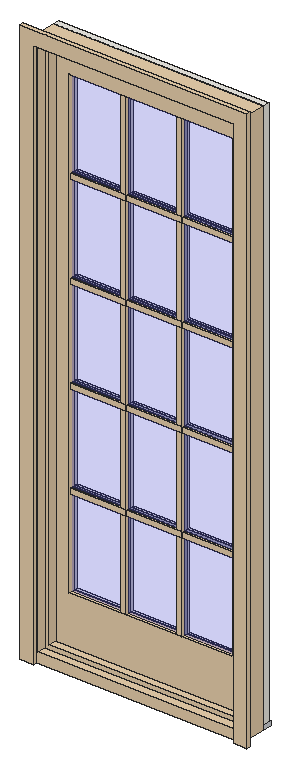
Revit family "Door-Inswing-Andersen-A_Series-Sidelight 2", category Doors, host Wall, Revit 2013 (continued)
Dimensions and locks (in)
  aligned and locked: Extrusion 13 sketch curve to plane 73 "B Stop"
  aligned and locked: Extrusion 13 to plane 4 "L Frame"
  aligned and locked: plane 3 "R Frame" to Extrusion 13
  aligned and locked: plane 72 "B Ext Frame" to Extrusion 14 sketch curve
  aligned and locked: Extrusion 14 sketch curve to plane 74 "Sill S1"
  aligned and locked: level to Extrusion 14 sketch curve
  aligned and locked: plane 50 "Panel1 S1" to Extrusion 14 sketch curve
  aligned and locked: Extrusion 14 to plane 4 "L Frame"
  aligned and locked: plane 3 "R Frame" to Extrusion 14
  aligned and locked: Extrusion 15 sketch curve to level
  aligned and locked: Extrusion 15 sketch curve to plane 9 "Frame S2"
  aligned and locked: Extrusion 15 sketch curve to plane 73 "B Stop"
  aligned and locked: Extrusion 15 sketch curve to plane 58 "Sill Height"
  aligned and locked: Extrusion 15 sketch curve to plane 70 "Int Stop"
  aligned and locked: plane 51 "Panel1 S2" to Extrusion 15 sketch curve
  aligned and locked: Extrusion 15 sketch curve to plane 45 "B Panel"
  aligned and locked: plane 50 "Panel1 S1" to Extrusion 15 sketch curve
  aligned and locked: Extrusion 15 to plane 4 "L Frame"
  aligned and locked: plane 3 "R Frame" to Extrusion 15
  aligned and locked: Sweep 7 sketch curve to plane 53 "Frame S1"
  aligned and locked: plane 4 "L Frame" to Sweep 7 sketch curve
  aligned and locked: plane 69 "Frame S1.1" to Sweep 7 sketch curve
  aligned and locked: Sweep 7 sketch curve to plane 38 "L Ext Frame"
  aligned and locked: plane 53 "Frame S1" to Sweep 7 sketch curve
  aligned and locked: Sweep 7 sketch curve to plane 35 "R Ext Frame"
  aligned and locked: Sweep 7 sketch curve to plane 69 "Frame S1.1"
  aligned and locked: plane 3 "R Frame" to Sweep 7 sketch curve
  aligned and locked: curve 201 to plane 51 "Panel1 S2"
  aligned and locked: curve 200 to plane 50 "Panel1 S1"
  aligned and locked: plane 53 "Frame S1" to curve 202
  aligned and locked: plane 9 "Frame S2" to curve 202
  aligned and locked: plane 56 "R Stop" to curve 202
  aligned and locked: plane 53 "Frame S1" to curve 203
  aligned and locked: plane 9 "Frame S2" to curve 203
  aligned and locked: plane 55 "L Stop" to curve 203
  aligned and locked: plane 11 "Casing S2" to curve 2
  aligned and locked: plane 12 "Casing S1" to curve 4
  aligned and locked: plane 73 "B Stop" to curve 204
  aligned and locked: plane 73 "B Stop" to curve 205
  aligned and locked: plane 57 "T Stop" to curve 204
  aligned and locked: plane 50 "Panel1 S1" to curve 204
  aligned and locked: plane 51 "Panel1 S2" to curve 205
  aligned and locked: plane 74 "Sill S1" to Masking region 2 sketch curve
  aligned and locked: Masking region 2 sketch curve to plane 72 "B Ext Frame"
  aligned and locked: Masking region 9 sketch curve to plane 73 "B Stop"
  aligned and locked: plane 67 "R Int Frame" to curve 6
  aligned and locked: plane 71 "T Int Frame" to curve 8
  aligned and locked: plane 68 "L Int Frame" to curve 7
  aligned and locked: curve 207 to plane 72 "B Ext Frame"
  aligned and locked: curve 206 to plane 35 "R Ext Frame"
  aligned and locked: plane 58 "Sill Height" to curve 208
  aligned and locked: plane 65 "R Xjamb S1" to Masking region 8 sketch curve
  aligned and locked: Masking region 8 sketch curve to plane 66 "T Xjamb S1"
  aligned and locked: Masking region 8 sketch curve to plane 64 "L Xjamb 1"
  aligned and locked: plane 57 "T Stop" to Extrusion 16 sketch curve
  aligned and locked: Extrusion 16 sketch curve to plane 56 "R Stop"
  aligned and locked: plane 55 "L Stop" to Extrusion 16 sketch curve
  aligned and locked: Extrusion 16 sketch curve to plane 3 "R Frame"
  aligned and locked: plane 5 "T Frame" to Extrusion 16 sketch curve
  aligned and locked: plane 4 "L Frame" to Extrusion 16 sketch curve
  aligned and locked: Extrusion 16 to plane 50 "Panel1 S1"
  aligned and locked: plane 53 "Frame S1" to Extrusion 16
  aligned and locked: plane 57 "T Stop" to Extrusion 17 sketch curve
  aligned and locked: Extrusion 17 sketch curve to plane 56 "R Stop"
  aligned and locked: plane 55 "L Stop" to Extrusion 17 sketch curve
  aligned and locked: Extrusion 17 sketch curve to plane 73 "B Stop"
  aligned and locked: level to Extrusion 17 sketch curve
  aligned and locked: plane 4 "L Frame" to Extrusion 17 sketch curve
  aligned and locked: Extrusion 17 sketch curve to plane 3 "R Frame"
  aligned and locked: plane 5 "T Frame" to Extrusion 17 sketch curve
  aligned and locked: plane 51 "Panel1 S2" to Extrusion 17
  aligned and locked: Extrusion 17 to plane 9 "Frame S2"
  aligned and locked: nested 1 to plane 47 "T Glazing"
  aligned and locked: nested 1 to plane 2 "Center (Left/Right)"
  aligned and locked: nested 2 to plane 47 "T Glazing"
  aligned and locked: nested 5 to plane 48 "L Glazing"
  aligned and locked: nested 6 to plane 48 "L Glazing"
  aligned and locked: nested 4 to plane 48 "L Glazing"
  aligned and locked: nested 3 to plane 48 "L Glazing"
  aligned and locked: plane 71 "T Int Frame" to curve 205
  aligned and locked: plane 4 "L Frame" to Extrusion 18 sketch curve
  aligned and locked: Extrusion 18 sketch curve to plane 3 "R Frame"
  aligned and locked: level to Extrusion 18 sketch curve
  aligned and locked: Extrusion 18 to plane 50 "Panel1 S1"
  aligned and locked: plane 53 "Frame S1" to Extrusion 18
  aligned and locked: plane 45 "B Panel" to Extrusion 18 sketch curve
  aligned and locked: Extrusion 16 sketch curve to plane 45 "B Panel"  (x2)
  aligned and locked: nested 7 to plane 47 "T Glazing"
  aligned and locked: Extrusion 11 sketch curve to plane 46 "B Glazing"
  aligned and locked: Extrusion 12 sketch curve to plane 46 "B Glazing"
Automatic sketch dimensions
  curve 10 to plane 36 "L Int Casing" = 0' - 0 1/8"
  curve 130 to curve 133 = 0' - 0"
  curve 129 to curve 127 = 0' - 0.12558"
  curve 127 to curve 132 = 0' - 0.63992"
  curve 131 to curve 121 = 0' - 1.344"
  curve 121 to curve 121 = 0' - 0.10984"
  curve 123 to curve 124 = 0' - 0.361"
  curve 122 to curve 127 = 0' - 0.812"
  curve 127 to curve 120 = 0' - 0.45"
  curve 28 to curve 133 = 0' - 0"
  curve 29 to curve 130 = 0' - 0"
  curve 29 to curve 30 = 0' - 0 1/8"
  curve 128 to curve 132 = 0' - 0.359"
  curve 119 to curve 118 = 0' - 0.566"
  curve 118 to curve 118 = 0' - 1.55"
  curve 120 to curve 121 = 0' - 0.319"
  curve 127 to curve 130 = 0' - 0.3698"
  curve 127 to curve 131 = 0' - 0.41291"
  curve 130 to curve 135 = 0' - 0.76609"
  curve 133 to curve 135 = 0' - 0.06176"
  curve 123 to curve 123 = 0' - 0.89242"
  curve 123 to curve 125 = 0' - 0.53458"
  curve 119 to curve 119 = 0' - 0.733"
  curve 119 to curve 118 = 0' - 0.579"
  curve 130 to curve 30 = 0' - 0 1/8"
  curve 30 to curve 133 = 0' - 0 1/8"
  curve 125 to curve 126 = 0' - 1.583"
  curve 148 to curve 151 = 0' - 0"
  curve 147 to curve 145 = 0' - 0.12558"
  curve 145 to curve 150 = 0' - 0.63992"
  curve 149 to curve 139 = 0' - 1.344"
  curve 139 to curve 139 = 0' - 0.10984"
  curve 141 to curve 142 = 0' - 0.361"
  curve 140 to curve 145 = 0' - 0.812"
  curve 145 to curve 138 = 0' - 0.45"
  curve 25 to curve 151 = 0' - 0"
  curve 26 to curve 148 = 0' - 0"
  curve 26 to curve 27 = 0' - 0 1/8"
  curve 146 to curve 150 = 0' - 0.359"
  curve 137 to curve 136 = 0' - 0.566"
  curve 136 to curve 136 = 0' - 1.55"
  curve 139 to curve 138 = 0' - 0.319"
  curve 148 to curve 145 = 0' - 0.3698"
  curve 149 to curve 145 = 0' - 0.41291"
  curve 153 to curve 148 = 0' - 0.76609"
  curve 153 to curve 151 = 0' - 0.06176"
  curve 141 to curve 141 = 0' - 0.89242"
  curve 143 to curve 141 = 0' - 0.53458"
  curve 137 to curve 137 = 0' - 0.733"
  curve 136 to curve 137 = 0' - 0.579"
  curve 27 to curve 148 = 0' - 0 1/8"
  curve 151 to curve 27 = 0' - 0 1/8"
  curve 144 to curve 143 = 0' - 1.583"
  curve 169 to curve 172 = 0' - 0"
  curve 168 to curve 166 = 0' - 0.12558"
  curve 166 to curve 171 = 0' - 0.63992"
  curve 170 to curve 160 = 0' - 1.344"
  curve 160 to curve 160 = 0' - 0.10984"
  curve 162 to curve 163 = 0' - 0.361"
  curve 161 to curve 166 = 0' - 0.812"
  curve 166 to curve 159 = 0' - 0.45"
  curve 154 to curve 172 = 0' - 0"
  curve 155 to curve 169 = 0' - 0"
  curve 155 to curve 156 = 0' - 0 1/8"
  curve 167 to curve 171 = 0' - 0.359"
  curve 158 to curve 157 = 0' - 0.566"
  curve 157 to curve 157 = 0' - 1.55"
  curve 160 to curve 159 = 0' - 0.319"
  curve 169 to curve 166 = 0' - 0.3698"
  curve 170 to curve 166 = 0' - 0.41291"
  curve 174 to curve 169 = 0' - 0.76609"
  curve 174 to curve 172 = 0' - 0.06176"
  curve 162 to curve 162 = 0' - 0.89242"
  curve 164 to curve 162 = 0' - 0.53458"
  curve 158 to curve 158 = 0' - 0.733"
  curve 157 to curve 158 = 0' - 0.579"
  curve 156 to curve 169 = 0' - 0 1/8"
  curve 172 to curve 156 = 0' - 0 1/8"
  curve 165 to curve 164 = 0' - 1.583"
  curve 9 to plane 41 "T Ext Frame" = 0' - 0"
  Masking region 1 sketch curve to plane 53 "Frame S1" = 0' - 0"
  Masking region 2 sketch curve to plane 53 "Frame S1" = 0' - 0"
  Masking region 3 sketch curve to plane 53 "Frame S1" = 0' - 0"
  Masking region 4 sketch curve to plane 53 "Frame S1" = 0' - 0"
  Sweep 8 sketch curve to profile plane = 0' - 0"
  profile plane to Sweep 8 sketch curve = 0' - 0.166"
  profile plane to Sweep 8 sketch curve = 0' - 0.566"
  Sweep 8 sketch curve to Sweep 8 sketch curve = 0' - 1.129"
  Sweep 8 sketch curve to Sweep 8 sketch curve = 0' - 0.413"
  Sweep 8 sketch curve to Sweep 8 sketch curve = 0' - 0.7335"
  Sweep 9 sketch curve to profile plane = 0' - 0"
  Sweep 9 sketch curve to profile plane = 0' - 4 9/16"
  profile plane to Sweep 9 sketch curve = 0' - 1.016"
  profile plane to Sweep 9 sketch curve = 0' - 0.166"
  profile plane to Sweep 9 sketch curve = 0' - 1.172"
  Sweep 9 sketch curve to Sweep 9 sketch curve = 0' - 0.523"
  Sweep 9 sketch curve to Sweep 9 sketch curve = 0' - 1.5825"
  Sweep 9 sketch curve to Sweep 9 sketch curve = 0' - 1.427"
  curve 121 to curve 129 = 0' - 0.094"
  curve 123 to curve 128 = 0' - 0.679"
  curve 126 to curve 128 = 0' - 1.719"
  curve 147 to curve 139 = 0' - 0.094"
  curve 141 to curve 146 = 0' - 0.679"
  curve 146 to curve 144 = 0' - 1.719"
  curve 168 to curve 160 = 0' - 0.094"
  curve 162 to curve 167 = 0' - 0.679"
  curve 167 to curve 165 = 0' - 1.719"
  curve 84 to curve 86 = 0' - 1.583"
  curve 86 to curve 87 = 0' - 0.53458"
  curve 87 to curve 90 = 0' - 0.89242"
  curve 88 to curve 97 = 0' - 0.46"
  curve 96 to curve 96 = 0' - 0.08"
  curve 95 to curve 94 = 0' - 0.76609"
  curve 92 to curve 92 = 0' - 0.08875"
  curve 90 to curve 85 = 0' - 1.719"
  curve 78 to curve 79 = 0' - 0.094"
  curve 85 to curve 80 = 0' - 0.413"
  curve 80 to curve 83 = 0' - 1.063"
  curve 94 to curve 95 = 0' - 0.5405"
  curve 97 to curve 94 = 0' - 0"
  curve 95 to curve 16 = 0' - 0.1245"
  curve 17 to curve 93 = 0' - 0.1255"
  curve 91 to curve 91 = 0' - 0.32416"
  curve 82 to curve 81 = 0' - 0.748"
  curve 81 to curve 81 = 0' - 0.05571"
  curve 80 to curve 85 = 0' - 0.88379"
  curve 86 to curve 87 = 0' - 0.3335"
  curve 86 to curve 87 = 0' - 0.361"
  curve 85 to curve 80 = 0' - 0.71766"
  curve 79 to curve 78 = 0' - 0.10984"
  curve 78 to curve 94 = 0' - 7.235"
  curve 95 to curve 96 = 0' - 0 3/4"
  curve 93 to curve 93 = 0' - 0 3/4"
  curve 94 to curve 97 = 0' - 0.35858"
  curve 15 to curve 95 = 0' - 0 1/8"
  curve 91 to curve 91 = 0' - 0.11008"
  curve 95 to curve 16 = 0' - 0"
  curve 15 to curve 17 = 0' - 0 1/8"
  curve 104 to curve 106 = 0' - 1.583"
  curve 106 to curve 107 = 0' - 0.53458"
  curve 107 to curve 110 = 0' - 0.89242"
  curve 108 to curve 117 = 0' - 0.46"
  curve 116 to curve 116 = 0' - 0.08"
  curve 115 to curve 114 = 0' - 0.76609"
  curve 112 to curve 112 = 0' - 0.08875"
  curve 110 to curve 105 = 0' - 1.719"
  curve 98 to curve 99 = 0' - 0.094"
  curve 105 to curve 100 = 0' - 0.413"
  curve 100 to curve 103 = 0' - 1.063"
  curve 114 to curve 115 = 0' - 0.5405"
  curve 117 to curve 114 = 0' - 0"
  curve 115 to curve 13 = 0' - 0.1245"
  curve 14 to curve 113 = 0' - 0.1255"
  curve 111 to curve 111 = 0' - 0.32416"
  curve 102 to curve 101 = 0' - 0.748"
  curve 101 to curve 101 = 0' - 0.05571"
  curve 100 to curve 105 = 0' - 0.88379"
  curve 106 to curve 107 = 0' - 0.3335"
  curve 106 to curve 107 = 0' - 0.361"
  curve 105 to curve 100 = 0' - 0.71766"
  curve 99 to curve 98 = 0' - 0.10984"
  curve 98 to curve 114 = 0' - 7.235"
  curve 115 to curve 116 = 0' - 0 3/4"
  curve 113 to curve 113 = 0' - 0 3/4"
  curve 114 to curve 117 = 0' - 0.35858"
  curve 12 to curve 115 = 0' - 0 1/8"
  curve 111 to curve 111 = 0' - 0.11008"
  curve 115 to curve 13 = 0' - 0"
  curve 12 to curve 14 = 0' - 0 1/8"
  curve 46 to curve 48 = 0' - 0.53458"
  curve 47 to curve 48 = 0' - 0.89242"
  curve 48 to curve 59 = 0' - 0.46"
  curve 58 to curve 58 = 0' - 0.08"
  curve 58 to curve 55 = 0' - 0.76609"
  curve 55 to curve 55 = 0' - 0.08875"
  curve 52 to curve 52 = 0' - 0.094"
  curve 53 to curve 50 = 0' - 0.413"
  curve 45 to curve 46 = 0' - 1.583"
  curve 59 to curve 58 = 0' - 0.46"
  curve 57 to curve 59 = 0' - 0"
  curve 58 to curve 42 = 0' - 0 1/8"
  curve 41 to curve 55 = 0' - 0 1/8"
  curve 44 to curve 49 = 0' - 0.579"
  curve 54 to curve 54 = 0' - 0.32416"
  curve 49 to curve 49 = 0' - 0.733"
  curve 60 to curve 55 = 0' - 0"
  curve 55 to curve 57 = 0' - 0 3/4"
  curve 56 to curve 52 = 0' - 3.047"
  curve 51 to curve 51 = 0' - 0.10984"
  curve 47 to curve 47 = 0' - 0.361"
  curve 42 to curve 58 = 0' - 0.015"
  curve 43 to curve 55 = 0' - 0.015"
  curve 54 to curve 54 = 0' - 0.11008"
  curve 43 to curve 41 = 0' - 0.14"
  curve 59 to curve 57 = 0' - 0.359"
  curve 46 to curve 46 = 0' - 0.318"
  curve 53 to curve 49 = 0' - 0.45"
  curve 49 to curve 44 = 0' - 0.566"
  curve 44 to curve 44 = 0' - 1 5/8"
  curve 63 to curve 65 = 0' - 0.53458"
  curve 64 to curve 65 = 0' - 0.89242"
  curve 65 to curve 76 = 0' - 0.46"
  curve 75 to curve 75 = 0' - 0.08"
  curve 75 to curve 72 = 0' - 0.76609"
  curve 72 to curve 72 = 0' - 0.08875"
  curve 69 to curve 69 = 0' - 0.094"
  curve 70 to curve 67 = 0' - 0.413"
  curve 62 to curve 63 = 0' - 1.583"
  curve 76 to curve 75 = 0' - 0.46"
  curve 74 to curve 76 = 0' - 0"
  curve 75 to curve 19 = 0' - 0 1/8"
  curve 18 to curve 72 = 0' - 0 1/8"
  curve 61 to curve 66 = 0' - 0.579"
  curve 71 to curve 71 = 0' - 0.32416"
  curve 66 to curve 66 = 0' - 0.733"
  curve 77 to curve 72 = 0' - 0"
  curve 72 to curve 74 = 0' - 0 3/4"
  curve 73 to curve 69 = 0' - 3.047"
  curve 68 to curve 68 = 0' - 0.10984"
  curve 64 to curve 64 = 0' - 0.361"
  curve 19 to curve 75 = 0' - 0.015"
  curve 20 to curve 72 = 0' - 0.015"
  curve 71 to curve 71 = 0' - 0.11008"
  curve 20 to curve 18 = 0' - 0.14"
  curve 76 to curve 74 = 0' - 0.359"
  curve 63 to curve 63 = 0' - 0.318"
  curve 70 to curve 66 = 0' - 0.45"
  curve 66 to curve 61 = 0' - 0.566"
  curve 61 to curve 61 = 0' - 1 5/8"
  curve 48 to curve 53 = 0' - 1.719"
  curve 52 to curve 48 = 0' - 0.133"
  curve 65 to curve 70 = 0' - 1.719"
  curve 69 to curve 65 = 0' - 0.133"
  curve 4 to plane 53 "Frame S1" = 0' - 0"
  curve 3 to plane 53 "Frame S1" = 0' - 0"
  plane 27 "T Rough Opening" to curve 11 = 0' - 0.15975"
Nested families (in)
  nested 1: "Andersen Grille Bar" at (0, 0.31559, 50.4375) x (-1, 0, 0) z (0, 1, 0), Bar Width <- "Grille Bar Size", Bar Length <- "TS V Bar Length", visible <- "TS S V", type "Andersen Grille Bar"
    with Glass / 2 0' - 0 7/32", Glass 0' - 0 13/16", Center Line Length 6' - 7 7/8", Center Line 2, Bar Width 0' - 0 7/8", Bar Length 6' - 7 7/8"
  nested 2: "Andersen Grille Bar" at (4.83333, 0.31559, 50.4375) x (-1, 0, 0) z (0, 1, 0), Bar Width <- "Grille Bar Size", Bar Length <- "TS V Bar Length", visible <- "TS M V", type "Andersen Grille Bar"
    with Glass / 2 0' - 0 7/32", Glass 0' - 0 13/16", Center Line Length 6' - 7 7/8", Center Line 2, Bar Width 0' - 0 7/8", Bar Length 6' - 7 7/8"
  nested 3: "Andersen Grille Bar" at (0, 0.31559, 50.4375) x (0, 0, 1) z (0, 1, 0), Bar Width <- "Grille Bar Size", visible <- "TS S H Craftsman", Bar Length <- "H DLO", type "Andersen Grille Bar"
    with Glass / 2 0' - 0 1/8", Glass 0' - 0 5/8", Center Line Length 2' - 4 1/8", Center Line 2, Bar Width 0' - 0 7/8", Bar Length 2' - 4 1/8"
  nested 4: "Andersen Grille Bar" at (0, 0.31559, 50.4375) x (0, 0, 1) z (0, 1, 0), Bar Width <- "Grille Bar Size", visible <- "TS S H", Bar Length <- "H DLO", type "Andersen Grille Bar"
    with Glass / 2 0' - 0 7/32", Glass 0' - 0 13/16", Center Line Length 2' - 4 1/8", Center Line 2, Bar Width 0' - 0 7/8", Bar Length 2' - 4 1/8"
  nested 5: "Andersen Grille Bar" at (0, 0.31559, 74.6625) x (0, 0, 1) z (0, 1, 0), Bar Width <- "Grille Bar Size", visible <- "TS M H", Bar Length <- "H DLO", type "Andersen Grille Bar"
    with Glass / 2 0' - 0 7/32", Glass 0' - 0 13/16", Center Line Length 2' - 4 1/8", Center Line 2, Bar Width 0' - 0 7/8", Bar Length 2' - 4 1/8"
  nested 6: "Andersen Grille Bar" at (0, 0.31559, 26.2125) x (0, 0, 1) z (0, 1, 0), Bar Width <- "Grille Bar Size", visible <- "TS M H", Bar Length <- "H DLO", type "Andersen Grille Bar"
    with Glass / 2 0' - 0 7/32", Glass 0' - 0 13/16", Center Line Length 2' - 4 1/8", Center Line 2, Bar Width 0' - 0 7/8", Bar Length 2' - 4 1/8"
  nested 7: "Andersen Grille Bar" at (-4.83333, 0.31559, 50.4375) x (-1, 0, 0) z (0, 1, 0), Bar Width <- "Grille Bar Size", Bar Length <- "TS V Bar Length", visible <- "TS M V", type "Andersen Grille Bar"
    with Glass / 2 0' - 0 7/32", Glass 0' - 0 13/16", Center Line Length 6' - 7 7/8", Center Line 2, Bar Width 0' - 0 7/8", Bar Length 6' - 7 7/8"
  nested 8: "Andersen Grille Bar" at (0, 0.31559, 58.5125) x (0, 0, 1) z (0, 1, 0), Bar Width <- "Grille Bar Size", visible <- "TS M H", Bar Length <- "H DLO", type "Andersen Grille Bar"
    with Glass / 2 0' - 0 7/32", Glass 0' - 0 13/16", Center Line Length 2' - 4 1/8", Center Line 2, Bar Width 0' - 0 7/8", Bar Length 2' - 4 1/8"
  nested 9: "Andersen Grille Bar" at (0, 0.31559, 42.3625) x (0, 0, 1) z (0, 1, 0), Bar Width <- "Grille Bar Size", visible <- "TS M H", Bar Length <- "H DLO", type "Andersen Grille Bar"
    with Glass / 2 0' - 0 7/32", Glass 0' - 0 13/16", Center Line Length 2' - 4 1/8", Center Line 2, Bar Width 0' - 0 7/8", Bar Length 2' - 4 1/8"
Definition of nested family "Andersen Grille Bar"
  Parameters (values of type "Andersen Grille Bar")
    Interior Bar Visibility = yes
    Interior Bar Material = none
    Glass / 2 [instance] = (Glass / 2) - 0' 0 3/16"  # 0' - 0 1/8"
    Glass [instance] = 0' - 0 5/8"
    Exterior Bar Visibility = yes
    Exterior Bar Finish = none
    Default Elevation = 4' - 0"
    Center Line Length [instance] = if(Center Line = 1, Bar Length + (Bar Width / 2), Bar Length)  # 0' - 4 7/16"
    Center Line [instance] = 1
    Between Glass Bar Visibility = yes
    Between Glass Bar Finish = none
    Bar Width [instance] = 0' - 0 7/8"
    Bar Length [instance] = 0' - 4"
  Reference planes (in)
    plane 1 "Center (Front/Back)": y = 0
    plane 2 "a": z = 0
    plane 3 "Center (Left/Right)": x = 0
    plane 4 "1": x = -0.4375
    plane 5 "2": x = 0.4375
    plane 6: y = 2
    plane 7: y = -2
    plane 8 "b": z = -0.625
    plane 9: z = -0.125
    plane 10: y = -2.4375
    plane 11 "a1": z = 12
    plane 12 "a2": z = -12
  Forms (in)
    Extrusion 1, solid
      sketch origin (0, 0, 0) x (1, 0, 0) y (0, 1, 0)
        loop
          line (-48, 48) -> (-48, -48) -> (48, -48) -> (48, 48) -> (-48, 48)
      from 0 to -12
    Extrusion 2, solid, material <- "Exterior Bar Finish", visible <- "Exterior Bar Visibility", detail levels fine
      sketch origin (0, 0, 0) x (1, 0, 0) y (0, 1, 0)
        loop
          line (-0.4375, 2) -> (-0.4375, -2) -> (0.4375, -2) -> (0.4375, 2) -> (-0.4375, 2)
      from 0 to 0.375
    Extrusion 3, solid, material <- "Between Glass Bar Finish", visible <- "Between Glass Bar Visibility", detail levels fine
      sketch origin (0, 0, 0) x (1, 0, 0) y (0, 1, 0)
        loop
          line (-0.4375, 2) -> (-0.4375, -2) -> (0.4375, -2) -> (0.4375, 2) -> (-0.4375, 2)
      from -0.5 to -0.125
    Extrusion 4, solid, material <- "Interior Bar Material", visible <- "Interior Bar Visibility", detail levels fine
      sketch origin (0, 0, 0) x (1, 0, 0) y (0, 1, 0)
        loop
          line (-0.4375, 2) -> (-0.4375, -2) -> (0.4375, -2) -> (0.4375, 2) -> (-0.4375, 2)
      from -1 to -0.625
  Lines and regions (in)
    model lines, style "GenericModel", detail levels coarse+medium
      curve 1: line (0, 2, 0) -> (0, -2.4375, 0)
    symbolic lines, style "GenericModel", detail levels coarse+medium
      curve 2: line (0, 2, 12) -> (0, -2.4375, 12)
      curve 3: line (0, 2, -12) -> (0, -2.4375, -12)
    model lines, style "InvisibleLines", not visible, detail levels coarse
      curve 4: line (0, 0, 12) -> (0, 0, -12)
    symbolic lines, detail levels fine
      curve 5: line (-0.4375, 2, 0) -> (-0.4375, -2, 0)
      curve 6: line (0.4375, 2, 0) -> (0.4375, -2, 0)
  Dimensions and locks (in)
    "Glass": plane 2 "a" to plane 8 "b"
    "Glass / 2": plane 2 "a" to plane 9
    locked: Extrusion 2 to Extrusion 2 at 0.375
    locked: plane 9 to Extrusion 3 at 0.375
    locked: plane 8 "b" to Extrusion 4 at 0.375
    equal spacing: plane 4 "1", plane 3 "Center (Left/Right)", plane 5 "2"
    equal spacing: plane 6, plane 1 "Center (Front/Back)", plane 7
    "Bar Width": plane 4 "1" to plane 5 "2"
    "Bar Length": plane 6 to plane 7
    "Center Line Length": plane 6 to plane 10
    locked: plane 11 "a1" to plane 2 "a" at 12
    locked: plane 2 "a" to plane 12 "a2" at 12
    aligned and locked: plane 2 "a" to Extrusion 1
    aligned and locked: level to Extrusion 1
    aligned and locked: Extrusion 2 to plane 2 "a"
    aligned and locked: Extrusion 2 to plane 4 "1"
    aligned and locked: plane 5 "2" to Extrusion 2
    aligned and locked: plane 6 to Extrusion 2
    aligned and locked: Extrusion 2 to plane 7
    aligned and locked: plane 9 to Extrusion 3
    aligned and locked: Extrusion 3 to plane 4 "1"
    aligned and locked: plane 5 "2" to Extrusion 3
    aligned and locked: plane 6 to Extrusion 3
    aligned and locked: Extrusion 3 to plane 7
    aligned and locked: plane 8 "b" to Extrusion 4
    aligned and locked: Extrusion 4 to plane 4 "1"
    aligned and locked: plane 5 "2" to Extrusion 4
    aligned and locked: plane 6 to Extrusion 4
    aligned and locked: Extrusion 4 to plane 7
    aligned and locked: plane 6 to curve 1
    aligned and locked: plane 10 to curve 1
    aligned and locked: curve 1 to plane 3 "Center (Left/Right)"
    aligned and locked: plane 6 to curve 2
    aligned and locked: plane 10 to curve 2
    aligned and locked: curve 2 to plane 3 "Center (Left/Right)"
    aligned and locked: plane 6 to curve 3
    aligned and locked: plane 10 to curve 3
    aligned and locked: curve 3 to plane 3 "Center (Left/Right)"
    aligned and locked: plane 11 "a1" to curve 4
    aligned and locked: plane 12 "a2" to curve 4
    aligned and locked: curve 4 to plane 1 "Center (Front/Back)"
    aligned and locked: plane 6 to curve 5
    aligned and locked: plane 6 to curve 6
    aligned and locked: plane 7 to curve 6
    aligned and locked: plane 7 to curve 5
    aligned and locked: curve 5 to plane 4 "1"
    aligned and locked: curve 6 to plane 5 "2"
  Automatic sketch dimensions
    Extrusion 1 sketch curve to Extrusion 1 sketch curve = 8' - 0"  (x2)
    plane 7 to Extrusion 2 sketch curve = 0' - 0"
    Extrusion 2 sketch curve to plane 5 "2" = 0' - 0 7/8"
    Extrusion 2 sketch curve to plane 6 = 0' - 0"
    Extrusion 2 sketch curve to Extrusion 2 sketch curve = 0' - 0 7/8"
    plane 7 to Extrusion 3 sketch curve = 0' - 0"
    Extrusion 3 sketch curve to plane 5 "2" = 0' - 0 7/8"
    Extrusion 3 sketch curve to plane 6 = 0' - 0"
    Extrusion 3 sketch curve to Extrusion 3 sketch curve = 0' - 0 7/8"
    Extrusion 4 sketch curve to plane 7 = 0' - 0"
    Extrusion 4 sketch curve to plane 5 "2" = 0' - 0 7/8"
    Extrusion 4 sketch curve to plane 6 = 0' - 0"
    Extrusion 4 sketch curve to Extrusion 4 sketch curve = 0' - 0 7/8"
